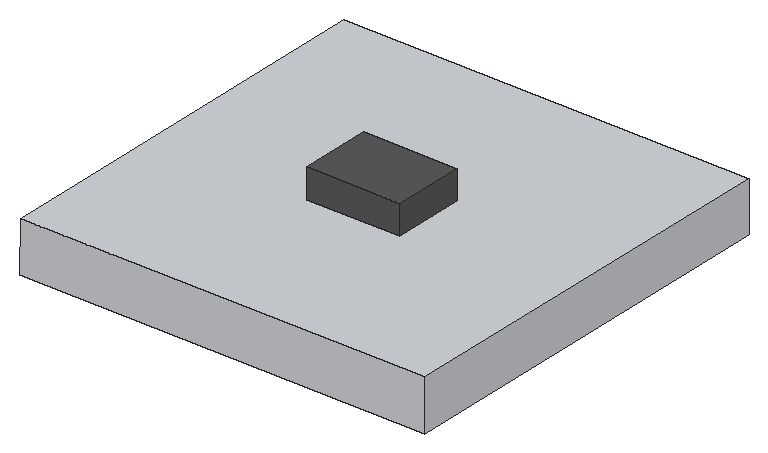
Revit family "r2018_videomax_storage", category Устройства связи, Revit 2018
Family settings
  Основа = Грань
  Сохранять ориентацию аннотаций = Да
  Размер круглого соединителя = Использовать диаметр
  Тип детали = Нормальный
  При загрузке вырезать с полостями = Нет
  Общий = Нет
  Точка расчета площади = Нет
Parameters (values of type "19” 4U (4ETS)")
  Указания по монтажу = "Для монтажа использовать комплектные 19” салазки с параметрами: расстояние между профилями 646 - 940 мм, габариты в сложенном состоянии 757 мм."
  Тип линейки = "PRO"  # constant formula
  Модель = ""
  Стоимость = 0
  Default Elevation = 2600 mm
  Минимальная глубина шкафа, мм = 1000  # constant formula
  Максимальное тепловыделение, BTU/h = Максимальная потребляемая мощность Вт * 3.412  # 0
  Максимальная потребляемая мощность Вт = 0
  Максимальная мощность БП, Вт = 0
  Количество интерфейсов Gigabit LAN, шт = 2
  Количество интерфейсов 10 Gigabit LAN, шт = 0
  Количество входов 230V, шт = 2
  Количество IP-камер, шт = 0 mm
  Изображение типоразмера = 19 (4U) Short.png
  Изготовитель = "ООО «Видеомакс»"  # constant formula
  Ширина = 430 mm  # constant formula
  Глубина = 560 mm  # constant formula
  Высота в U = 4
  Высота = 176 mm
  URL = "https://www.videomax-server.ru/"
  Material = Черный
  LOD 500 [instance] = yes
  LOD 300 [instance] = yes
  Front = videomax_19 4U (JBOD) : Front
  Back = videomax_19 4U (JBOD) : Back
  ADSK_Этаж [instance] = ""
  ADSK_Ток = 0 A
  ADSK_Примечание [instance] = ""
  ADSK_Позиция [instance] = ""
  ADSK_Обозначение = "19” 4U (4ETS)"
  ADSK_Номинальная мощность = 0 VA
  ADSK_Напряжение = 230 V
  ADSK_Наименование = "Сетевое хранилище видеоданных 19” 4U"
  ADSK_Масса = 0
  ADSK_Марка = "VIDEOMAX-STORAGE"  # constant formula
  ADSK_Коэффициент мощности = 0.96
  ADSK_Количество = 1  # constant formula
  ADSK_Код изделия = "ТУ 26.20.21-001-37165186-2020"  # constant formula
  ADSK_Классификация нагрузок = none
  ADSK_Завод-изготовитель = "ООО «Видеомакс»"  # constant formula
  ADSK_Единица измерения = "шт."  # constant formula
  ADSK_Версия семейства = "v2"  # constant formula
  ADSK_Версия Revit = "2108"  # constant formula
  4_LOD_300 [instance] = and([19” 4U (4ETS)], LOD 300)  # yes
  3_LOD_300 [instance] = and([19” 3U (3ETS)], LOD 300)  # no
  2_LOD_300 [instance] = and([19” 2U (2ETS)], LOD 300)  # no
  19” 4U (4ETS) = yes
  19” 3U (3ETS) = no
  19” 2U (2ETS) = no
Reference planes
  plane 1 "По центру (Вперед/Назад)": y = 0
  plane 2: z = 0
  plane 3 "По центру (Влево/Вправо)": x = 0.038
  plane 4: z = 0
  plane 5: y = 215
  plane 6: x = 280.038
  plane 7: y = -215
  plane 8: x = -279.962
Forms (mm)
  Extrusion 1, solid
    sketch origin (-0.8, 20.8, 0) x (0, -1, 0) y (1, 0, 0)
      loop
        line (-1219.2, 1219.2) -> (-1219.2, -1219.2) -> (1219.2, -1219.2) -> (1219.2, 1219.2) -> (-1219.2, 1219.2)
    from 0 to -304.8
  Extrusion 2, solid, material "Черный" <- "Material", detail levels medium+fine
    sketch origin (-300.709, 482.634, 0) x (0, -1, 0) y (1, 0, 0)
      loop
        line (697.634, 20.747) -> (697.634, 580.747) -> (267.634, 580.747) -> (267.634, 20.747) -> (697.634, 20.747)
    from 0 to 176 <- "Высота"
Lines and regions (mm)
  model lines, style "CommunicationDevices", detail levels coarse
    curve 1: line (280.038, 215, 0) -> (280.038, -215, 0)
    curve 2: line (-279.962, -215, 0) -> (-279.962, 215, 0)
    curve 3: line (-279.962, 215, 0) -> (280.038, 215, 0)
    curve 4: line (280.038, -215, 0) -> (-279.962, -215, 0)
Dimensions and locks
  "Высота": Extrusion 2 to Extrusion 1
  locked: plane 8 to plane 6 at 560
  "Ширина": plane 5 to plane 7
  equal spacing: plane 8, plane 3 "По центру (Влево/Вправо)", plane 6
  equal spacing: plane 5, plane 1 "По центру (Вперед/Назад)", plane 7
  aligned and locked: plane 2 to Extrusion 1
  aligned and locked: level to Extrusion 1
  aligned and locked: curve 2 to plane 8
  aligned and locked: plane 7 to curve 4
  aligned and locked: plane 6 to curve 1
  aligned and locked: curve 3 to plane 5
Automatic sketch dimensions
  Extrusion 1 sketch curve to Extrusion 1 sketch curve = 2438.4 mm  (x2)
  Extrusion 2 sketch curve to plane 5 = 0 mm
  Extrusion 2 sketch curve to plane 7 = 0 mm
  Extrusion 2 sketch curve to plane 8 = 0 mm
  Extrusion 2 sketch curve to plane 6 = 0 mm
  curve 1 to curve 1 = 430 mm
  curve 2 to curve 1 = 560 mm
Nested families
  nested 1: "videomax_19 4U (JBOD)" at (-279.962, -0.501, 0) x (0, -1, 0) z (-1, 0, 0), LOD500 <- "LOD 500", a setting <- "Front", type ""
    with Right_500 no, Left_500 no, LOD500 yes, Front_500 yes, Back_500 no
  nested 2: "videomax_19 4U (JBOD)" at (280.038, -0.483, 0) x (0, 1, 0) z (1, 0, 0), LOD500 <- "LOD 500", a setting <- "Back", type ""
    with Right_500 no, Left_500 no, LOD500 yes, Front_500 no, Back_500 yes
Connectors
  electrical at (0.038, 0, 0), driven by "ADSK_Напряжение", driven by "ADSK_Коэффициент мощности", driven by "ADSK_Номинальная мощность"
    settings: on Extrusion 2, index 3, voltage 230 V, apparent load 0 VA, apparent load phase1 0 VA, apparent load phase2 0 VA, apparent load phase3 0 VA, power factor 0.96, load classification "Прочее", number of poles 1, system type 30, power factor state 0, is connector primary yes, connector utility yes, sub classification motor no, connector description ""
Definition of nested family "videomax_19 4U (JBOD)"
  Parameters (values of type "Front")
    Default Elevation = 1219.2 mm
    Right_500 [instance] = and(Right, LOD500)  # no
    Right = no
    Left_500 [instance] = and(Left, LOD500)  # no
    Left = no
    LOD500 [instance] = no
    Front_500 [instance] = and(Front, LOD500)  # no
    Front = yes
    Back_500 [instance] = and(Back, LOD500)  # no
    Back = no
  Types (2, lengths in mm): name | Front | Back
    Front | yes | no
    Back | no | yes
  Reference planes
    plane 1 "По центру (Вперед/Назад)": y = 0
    plane 2: z = 0
    plane 3 "По центру (Влево/Вправо)": x = 0
  Lines and regions (mm)
    model lines, visible <- "Back_500", detail levels fine
      curve 1: arc (-190.738, 56.029, 0) -> (-194.306, 46.934, 0) -> (-190.738, 37.84, 0) r 13.376
      curve 2: arc (-189.256, 39.323, 0) -> (-192.21, 46.934, 0) -> (-189.256, 54.546, 0) r 11.282
      curve 3: arc (-186.348, 51.638, 0) -> (-187.651, 49.445, 0) -> (-188.105, 46.934, 0) r 7.176
      curve 4: arc (-188.105, 46.934, 0) -> (-187.651, 44.424, 0) -> (-186.348, 42.23, 0) r 7.176
      curve 5: arc (-185.208, 43.37, 0) -> (-186.166, 45.039, 0) -> (-186.498, 46.934, 0) r 5.57
      curve 6: arc (-186.498, 46.934, 0) -> (-186.166, 48.83, 0) -> (-185.208, 50.499, 0) r 5.57
      curve 7: arc (-188.489, 53.78, 0) -> (-190.445, 50.603, 0) -> (-191.128, 46.934, 0) r 10.199
      curve 8: arc (-191.128, 46.934, 0) -> (-190.445, 43.266, 0) -> (-188.489, 40.089, 0) r 10.199
      curve 9: arc (-187.005, 41.573, 0) -> (-188.508, 44.069, 0) -> (-189.032, 46.934, 0) r 8.103
      curve 10: arc (-189.032, 46.934, 0) -> (-188.508, 49.8, 0) -> (-187.005, 52.296, 0) r 8.103
      curve 11: arc (-171.119, 56.029, 0) -> (-167.551, 46.934, 0) -> (-171.119, 37.84, 0) r 13.376
      curve 12: arc (-172.601, 39.323, 0) -> (-169.647, 46.934, 0) -> (-172.602, 54.546, 0) r 11.282
      curve 13: arc (-175.509, 51.638, 0) -> (-174.206, 49.445, 0) -> (-173.753, 46.934, 0) r 7.176
      curve 14: arc (-173.753, 46.934, 0) -> (-174.206, 44.424, 0) -> (-175.509, 42.23, 0) r 7.176
      curve 15: arc (-176.649, 43.37, 0) -> (-175.691, 45.039, 0) -> (-175.359, 46.934, 0) r 5.57
      curve 16: arc (-175.359, 46.934, 0) -> (-175.691, 48.83, 0) -> (-176.649, 50.499, 0) r 5.57
      curve 17: arc (-173.368, 53.78, 0) -> (-171.412, 50.603, 0) -> (-170.729, 46.934, 0) r 10.199
      curve 18: arc (-170.729, 46.934, 0) -> (-171.412, 43.266, 0) -> (-173.368, 40.089, 0) r 10.199
      curve 19: arc (-174.852, 41.573, 0) -> (-173.349, 44.069, 0) -> (-172.825, 46.934, 0) r 8.103
      curve 20: arc (-172.825, 46.934, 0) -> (-173.349, 49.8, 0) -> (-174.852, 52.296, 0) r 8.103
      curve 21: arc (-171.834, 37.125, 0) -> (-180.929, 33.557, 0) -> (-190.023, 37.125, 0) r 13.376
      curve 22: arc (-188.54, 38.607, 0) -> (-180.929, 35.653, 0) -> (-173.317, 38.607, 0) r 11.282
      curve 23: arc (-176.225, 41.515, 0) -> (-178.418, 40.212, 0) -> (-180.929, 39.758, 0) r 7.176
      curve 24: arc (-180.929, 39.758, 0) -> (-183.439, 40.212, 0) -> (-185.632, 41.515, 0) r 7.176
      curve 25: arc (-184.493, 42.655, 0) -> (-182.824, 41.697, 0) -> (-180.929, 41.365, 0) r 5.57
      curve 26: arc (-180.929, 41.365, 0) -> (-179.033, 41.697, 0) -> (-177.364, 42.655, 0) r 5.57
      curve 27: arc (-174.083, 39.374, 0) -> (-177.26, 37.418, 0) -> (-180.929, 36.735, 0) r 10.199
      curve 28: arc (-180.929, 36.735, 0) -> (-184.597, 37.418, 0) -> (-187.774, 39.374, 0) r 10.199
      curve 29: arc (-186.29, 40.858, 0) -> (-183.794, 39.355, 0) -> (-180.929, 38.831, 0) r 8.103
      curve 30: arc (-180.929, 38.831, 0) -> (-178.063, 39.355, 0) -> (-175.567, 40.858, 0) r 8.103
      curve 31: arc (-171.834, 56.744, 0) -> (-180.929, 60.312, 0) -> (-190.023, 56.744, 0) r 13.376
      curve 32: arc (-188.54, 55.261, 0) -> (-180.929, 58.216, 0) -> (-173.317, 55.261, 0) r 11.282
      curve 33: arc (-176.225, 52.354, 0) -> (-178.418, 53.657, 0) -> (-180.929, 54.11, 0) r 7.176
      curve 34: arc (-180.929, 54.11, 0) -> (-183.439, 53.657, 0) -> (-185.632, 52.354, 0) r 7.176
      curve 35: arc (-184.493, 51.214, 0) -> (-182.824, 52.172, 0) -> (-180.929, 52.504, 0) r 5.57
      curve 36: arc (-180.929, 52.504, 0) -> (-179.033, 52.172, 0) -> (-177.364, 51.214, 0) r 5.57
      curve 37: arc (-174.083, 54.495, 0) -> (-177.26, 56.451, 0) -> (-180.929, 57.134, 0) r 10.199
      curve 38: arc (-180.929, 57.134, 0) -> (-184.597, 56.451, 0) -> (-187.774, 54.495, 0) r 10.199
      curve 39: arc (-186.29, 53.011, 0) -> (-183.794, 54.514, 0) -> (-180.929, 55.038, 0) r 8.103
      curve 40: arc (-180.929, 55.038, 0) -> (-178.063, 54.514, 0) -> (-175.567, 53.011, 0) r 8.103
      curve 41: arc (-148.783, 56.218, 0) -> (-152.35, 47.124, 0) -> (-148.783, 38.029, 0) r 13.376
      curve 42: arc (-147.3, 39.512, 0) -> (-150.255, 47.124, 0) -> (-147.3, 54.736, 0) r 11.282
      curve 43: arc (-144.392, 51.828, 0) -> (-145.695, 49.634, 0) -> (-146.149, 47.124, 0) r 7.176
      curve 44: arc (-146.149, 47.124, 0) -> (-145.695, 44.613, 0) -> (-144.392, 42.42, 0) r 7.176
      curve 45: arc (-143.253, 43.559, 0) -> (-144.21, 45.228, 0) -> (-144.543, 47.124, 0) r 5.57
      curve 46: arc (-144.543, 47.124, 0) -> (-144.21, 49.019, 0) -> (-143.253, 50.688, 0) r 5.57
      curve 47: arc (-146.533, 53.969, 0) -> (-148.489, 50.792, 0) -> (-149.172, 47.124, 0) r 10.199
      curve 48: arc (-149.172, 47.124, 0) -> (-148.489, 43.456, 0) -> (-146.533, 40.278, 0) r 10.199
      curve 49: arc (-145.049, 41.763, 0) -> (-146.553, 44.258, 0) -> (-147.076, 47.124, 0) r 8.103
      curve 50: arc (-147.076, 47.124, 0) -> (-146.553, 49.99, 0) -> (-145.049, 52.485, 0) r 8.103
      curve 51: arc (-129.163, 56.218, 0) -> (-125.595, 47.124, 0) -> (-129.163, 38.029, 0) r 13.376
      curve 52: arc (-130.646, 39.512, 0) -> (-127.691, 47.124, 0) -> (-130.646, 54.736, 0) r 11.282
      curve 53: arc (-133.554, 51.828, 0) -> (-132.25, 49.634, 0) -> (-131.797, 47.124, 0) r 7.176
      curve 54: arc (-131.797, 47.124, 0) -> (-132.25, 44.613, 0) -> (-133.554, 42.42, 0) r 7.176
      curve 55: arc (-134.693, 43.559, 0) -> (-133.735, 45.228, 0) -> (-133.403, 47.124, 0) r 5.57
      curve 56: arc (-133.403, 47.124, 0) -> (-133.735, 49.019, 0) -> (-134.693, 50.688, 0) r 5.57
      curve 57: arc (-131.412, 53.969, 0) -> (-129.456, 50.792, 0) -> (-128.774, 47.124, 0) r 10.199
      curve 58: arc (-128.774, 47.124, 0) -> (-129.456, 43.456, 0) -> (-131.412, 40.278, 0) r 10.199
      curve 59: arc (-132.896, 41.763, 0) -> (-131.393, 44.258, 0) -> (-130.869, 47.124, 0) r 8.103
      curve 60: arc (-130.869, 47.124, 0) -> (-131.393, 49.99, 0) -> (-132.896, 52.485, 0) r 8.103
      curve 61: arc (-129.878, 37.314, 0) -> (-138.973, 33.746, 0) -> (-148.067, 37.314, 0) r 13.376
      curve 62: arc (-146.585, 38.797, 0) -> (-138.973, 35.842, 0) -> (-131.361, 38.797, 0) r 11.282
      curve 63: arc (-134.269, 41.705, 0) -> (-136.462, 40.401, 0) -> (-138.973, 39.948, 0) r 7.176
      curve 64: arc (-138.973, 39.948, 0) -> (-141.483, 40.401, 0) -> (-143.677, 41.705, 0) r 7.176
      curve 65: arc (-142.537, 42.844, 0) -> (-140.868, 41.886, 0) -> (-138.973, 41.554, 0) r 5.57
      curve 66: arc (-138.973, 41.554, 0) -> (-137.077, 41.886, 0) -> (-135.408, 42.844, 0) r 5.57
      curve 67: arc (-132.127, 39.563, 0) -> (-135.305, 37.607, 0) -> (-138.973, 36.925, 0) r 10.199
      curve 68: arc (-138.973, 36.925, 0) -> (-142.641, 37.607, 0) -> (-145.818, 39.563, 0) r 10.199
      curve 69: arc (-144.334, 41.047, 0) -> (-141.839, 39.544, 0) -> (-138.973, 39.02, 0) r 8.103
      curve 70: arc (-138.973, 39.02, 0) -> (-136.107, 39.544, 0) -> (-133.612, 41.047, 0) r 8.103
      curve 71: arc (-129.878, 56.934, 0) -> (-138.973, 60.501, 0) -> (-148.067, 56.934, 0) r 13.376
      curve 72: arc (-146.585, 55.451, 0) -> (-138.973, 58.406, 0) -> (-131.361, 55.451, 0) r 11.282
      curve 73: arc (-134.269, 52.543, 0) -> (-136.462, 53.846, 0) -> (-138.973, 54.3, 0) r 7.176
      curve 74: arc (-138.973, 54.3, 0) -> (-141.483, 53.846, 0) -> (-143.677, 52.543, 0) r 7.176
      curve 75: arc (-142.537, 51.403, 0) -> (-140.868, 52.361, 0) -> (-138.973, 52.693, 0) r 5.57
      curve 76: arc (-138.973, 52.693, 0) -> (-137.077, 52.361, 0) -> (-135.408, 51.403, 0) r 5.57
      curve 77: arc (-132.127, 54.684, 0) -> (-135.305, 56.64, 0) -> (-138.973, 57.323, 0) r 10.199
      curve 78: arc (-138.973, 57.323, 0) -> (-142.641, 56.64, 0) -> (-145.818, 54.684, 0) r 10.199
      curve 79: arc (-144.334, 53.2, 0) -> (-141.839, 54.703, 0) -> (-138.973, 55.227, 0) r 8.103
      curve 80: arc (-138.973, 55.227, 0) -> (-136.107, 54.703, 0) -> (-133.612, 53.2, 0) r 8.103
      curve 81: arc (-169.046, 19.581, 0) -> (-168.314, 18.654, 0) -> (-168.169, 17.481, 0) r 2.193
      curve 82: arc (-194.151, 17.614, 0) -> (-193.989, 18.629, 0) -> (-193.387, 19.461, 0) r 2.215
      curve 83: circle (-206.959, 77.236, 0) r 3.066 normal (0, 0, 1)
      curve 84: circle (-206.959, 6.812, 0) r 3.066 normal (0, 0, 1)
      curve 85: circle (-167.124, 73.816, 0) r 3.067 normal (0, 0, 1)
      curve 86: circle (-125.319, 73.816, 0) r 3.066 normal (0, 0, 1)
      curve 87: circle (-113.561, 77.236, 0) r 3.067 normal (0, 0, 1)
      curve 88: circle (-80.8, 34.47, 0) r 4.437 normal (0, 0, 1)
      curve 89: circle (-80.8, 20.572, 0) r 4.437 normal (0, 0, 1)
      curve 90: circle (-113.561, 6.812, 0) r 3.067 normal (0, 0, 1)
      curve 91: circle (-52.24, 19.725, 0) r 1.743 normal (0, 0, 1)
      curve 92: circle (-29.979, 19.725, 0) r 1.744 normal (0, 0, 1)
      curve 93: circle (-46.017, 37.914, 0) r 1.743 normal (0, 0, 1)
      curve 94: circle (0.298, 37.914, 0) r 1.744 normal (0, 0, 1)
      curve 95: circle (-15.973, 19.725, 0) r 1.743 normal (0, 0, 1)
      curve 96: circle (6.288, 19.725, 0) r 1.743 normal (0, 0, 1)
      curve 97: circle (-79.903, 68.763, 0) r 3.066 normal (0, 0, 1)
      curve 98: circle (-35.003, 68.763, 0) r 3.066 normal (0, 0, 1)
      curve 99: arc (-127.255, 19.581, 0) -> (-126.523, 18.654, 0) -> (-126.377, 17.481, 0) r 2.193
      curve 100: arc (-152.36, 17.614, 0) -> (-152.198, 18.629, 0) -> (-151.596, 19.461, 0) r 2.215
      curve 101: arc (-73.992, 106.558, 0) -> (-79.993, 91.26, 0) -> (-73.992, 75.963, 0) r 22.498
      curve 102: arc (-71.498, 78.457, 0) -> (-76.468, 91.26, 0) -> (-71.498, 104.063, 0) r 18.976
      curve 103: arc (-66.607, 99.172, 0) -> (-68.799, 95.483, 0) -> (-69.562, 91.26, 0) r 12.07
      curve 104: arc (-69.562, 91.26, 0) -> (-68.799, 87.037, 0) -> (-66.607, 83.348, 0) r 12.07
      curve 105: arc (-64.69, 85.265, 0) -> (-66.301, 88.072, 0) -> (-66.86, 91.26, 0) r 9.368
      curve 106: arc (-66.86, 91.26, 0) -> (-66.301, 94.448, 0) -> (-64.69, 97.256, 0) r 9.368
      curve 107: arc (-70.209, 102.774, 0) -> (-73.499, 97.43, 0) -> (-74.647, 91.26, 0) r 17.155
      curve 108: arc (-74.647, 91.26, 0) -> (-73.499, 85.09, 0) -> (-70.209, 79.746, 0) r 17.155
      curve 109: arc (-67.712, 82.242, 0) -> (-70.241, 86.44, 0) -> (-71.122, 91.26, 0) r 13.63
      curve 110: arc (-71.122, 91.26, 0) -> (-70.241, 96.08, 0) -> (-67.712, 100.278, 0) r 13.63
      curve 111: arc (-40.991, 106.558, 0) -> (-34.99, 91.26, 0) -> (-40.991, 75.963, 0) r 22.498
      curve 112: arc (-43.485, 78.457, 0) -> (-38.515, 91.26, 0) -> (-43.485, 104.063, 0) r 18.976
      curve 113: arc (-48.377, 99.172, 0) -> (-46.184, 95.483, 0) -> (-45.421, 91.26, 0) r 12.07
      curve 114: arc (-45.421, 91.26, 0) -> (-46.184, 87.037, 0) -> (-48.376, 83.348, 0) r 12.07
      curve 115: arc (-50.293, 85.265, 0) -> (-48.682, 88.072, 0) -> (-48.123, 91.26, 0) r 9.368
      curve 116: arc (-48.123, 91.26, 0) -> (-48.682, 94.448, 0) -> (-50.293, 97.256, 0) r 9.368
      curve 117: arc (-44.775, 102.774, 0) -> (-41.484, 97.43, 0) -> (-40.336, 91.26, 0) r 17.155
      curve 118: arc (-40.336, 91.26, 0) -> (-41.484, 85.09, 0) -> (-44.774, 79.746, 0) r 17.155
      curve 119: arc (-47.271, 82.242, 0) -> (-44.742, 86.44, 0) -> (-43.861, 91.26, 0) r 13.63
      curve 120: arc (-43.861, 91.26, 0) -> (-44.742, 96.08, 0) -> (-47.271, 100.278, 0) r 13.63
      curve 121: arc (-42.194, 74.76, 0) -> (-57.492, 68.759, 0) -> (-72.789, 74.76, 0) r 22.498
      curve 122: arc (-70.295, 77.254, 0) -> (-57.492, 72.284, 0) -> (-44.688, 77.254, 0) r 18.976
      curve 123: arc (-49.579, 82.145, 0) -> (-53.269, 79.953, 0) -> (-57.492, 79.19, 0) r 12.07
      curve 124: arc (-57.492, 79.19, 0) -> (-61.714, 79.953, 0) -> (-65.404, 82.145, 0) r 12.07
      curve 125: arc (-63.487, 84.061, 0) -> (-60.68, 82.451, 0) -> (-57.492, 81.892, 0) r 9.368
      curve 126: arc (-57.492, 81.892, 0) -> (-54.303, 82.451, 0) -> (-51.496, 84.061, 0) r 9.368
      curve 127: arc (-45.977, 78.543, 0) -> (-51.322, 75.253, 0) -> (-57.492, 74.105, 0) r 17.155
      curve 128: arc (-57.492, 74.105, 0) -> (-63.661, 75.253, 0) -> (-69.006, 78.543, 0) r 17.155
      curve 129: arc (-66.509, 81.039, 0) -> (-62.312, 78.511, 0) -> (-57.492, 77.63, 0) r 13.63
      curve 130: arc (-57.492, 77.63, 0) -> (-52.671, 78.511, 0) -> (-48.474, 81.039, 0) r 13.63
      curve 131: arc (-42.194, 107.76, 0) -> (-57.492, 113.762, 0) -> (-72.789, 107.76, 0) r 22.498
      curve 132: arc (-70.295, 105.266, 0) -> (-57.492, 110.236, 0) -> (-44.688, 105.266, 0) r 18.976
      curve 133: arc (-49.579, 100.375, 0) -> (-53.269, 102.567, 0) -> (-57.492, 103.33, 0) r 12.07
      curve 134: arc (-57.492, 103.33, 0) -> (-61.714, 102.567, 0) -> (-65.404, 100.375, 0) r 12.07
      curve 135: arc (-63.487, 98.459, 0) -> (-60.68, 100.069, 0) -> (-57.492, 100.628, 0) r 9.368
      curve 136: arc (-57.492, 100.628, 0) -> (-54.303, 100.069, 0) -> (-51.496, 98.459, 0) r 9.368
      curve 137: arc (-45.977, 103.977, 0) -> (-51.322, 107.267, 0) -> (-57.492, 108.415, 0) r 17.155
      curve 138: arc (-57.492, 108.415, 0) -> (-63.661, 107.267, 0) -> (-69.006, 103.977, 0) r 17.155
      curve 139: arc (-66.509, 101.481, 0) -> (-62.312, 104.009, 0) -> (-57.492, 104.89, 0) r 13.63
      curve 140: arc (-57.492, 104.89, 0) -> (-52.671, 104.009, 0) -> (-48.474, 101.481, 0) r 13.63
      curve 141: circle (-79.991, 113.76, 0) r 3.066 normal (0, 0, 1)
      curve 142: circle (-35.09, 113.76, 0) r 3.066 normal (0, 0, 1)
      curve 143: circle (-3.309, 68.763, 0) r 3.066 normal (0, 0, 1)
      curve 144: circle (41.591, 68.763, 0) r 3.066 normal (0, 0, 1)
      curve 145: arc (2.602, 106.558, 0) -> (-3.399, 91.26, 0) -> (2.602, 75.963, 0) r 22.498
      curve 146: arc (5.096, 78.457, 0) -> (0.126, 91.26, 0) -> (5.096, 104.063, 0) r 18.976
      curve 147: arc (9.987, 99.172, 0) -> (7.795, 95.483, 0) -> (7.032, 91.26, 0) r 12.07
      curve 148: arc (7.032, 91.26, 0) -> (7.795, 87.037, 0) -> (9.987, 83.348, 0) r 12.07
      curve 149: arc (11.904, 85.265, 0) -> (10.293, 88.072, 0) -> (9.734, 91.26, 0) r 9.368
      curve 150: arc (9.734, 91.26, 0) -> (10.293, 94.448, 0) -> (11.904, 97.256, 0) r 9.368
      curve 151: arc (6.385, 102.774, 0) -> (3.095, 97.43, 0) -> (1.947, 91.26, 0) r 17.155
      curve 152: arc (1.947, 91.26, 0) -> (3.095, 85.09, 0) -> (6.385, 79.746, 0) r 17.155
      curve 153: arc (8.882, 82.242, 0) -> (6.353, 86.44, 0) -> (5.472, 91.26, 0) r 13.63
      curve 154: arc (5.472, 91.26, 0) -> (6.353, 96.08, 0) -> (8.882, 100.278, 0) r 13.63
      curve 155: arc (35.603, 106.558, 0) -> (41.604, 91.26, 0) -> (35.603, 75.963, 0) r 22.498
      curve 156: arc (33.109, 78.457, 0) -> (38.079, 91.26, 0) -> (33.109, 104.063, 0) r 18.976
      curve 157: arc (28.217, 99.172, 0) -> (30.41, 95.483, 0) -> (31.173, 91.26, 0) r 12.07
      curve 158: arc (31.173, 91.26, 0) -> (30.41, 87.037, 0) -> (28.218, 83.348, 0) r 12.07
      curve 159: arc (26.301, 85.265, 0) -> (27.912, 88.072, 0) -> (28.471, 91.26, 0) r 9.368
      curve 160: arc (28.471, 91.26, 0) -> (27.912, 94.448, 0) -> (26.301, 97.256, 0) r 9.368
      curve 161: arc (31.819, 102.774, 0) -> (35.11, 97.43, 0) -> (36.258, 91.26, 0) r 17.155
      curve 162: arc (36.258, 91.26, 0) -> (35.11, 85.09, 0) -> (31.82, 79.746, 0) r 17.155
      curve 163: arc (29.323, 82.242, 0) -> (31.852, 86.44, 0) -> (32.733, 91.26, 0) r 13.63
      curve 164: arc (32.733, 91.26, 0) -> (31.852, 96.08, 0) -> (29.323, 100.278, 0) r 13.63
      curve 165: arc (34.4, 74.76, 0) -> (19.102, 68.759, 0) -> (3.805, 74.76, 0) r 22.498
      curve 166: arc (6.299, 77.254, 0) -> (19.102, 72.284, 0) -> (31.906, 77.254, 0) r 18.976
      curve 167: arc (27.015, 82.145, 0) -> (23.325, 79.953, 0) -> (19.102, 79.19, 0) r 12.07
      curve 168: arc (19.102, 79.19, 0) -> (14.88, 79.953, 0) -> (11.19, 82.145, 0) r 12.07
      curve 169: arc (13.107, 84.061, 0) -> (15.914, 82.451, 0) -> (19.102, 81.892, 0) r 9.368
      curve 170: arc (19.102, 81.892, 0) -> (22.291, 82.451, 0) -> (25.098, 84.061, 0) r 9.368
      curve 171: arc (30.617, 78.543, 0) -> (25.272, 75.253, 0) -> (19.102, 74.105, 0) r 17.155
      curve 172: arc (19.102, 74.105, 0) -> (12.933, 75.253, 0) -> (7.588, 78.543, 0) r 17.155
      curve 173: arc (10.085, 81.039, 0) -> (14.282, 78.511, 0) -> (19.102, 77.63, 0) r 13.63
      curve 174: arc (19.102, 77.63, 0) -> (23.923, 78.511, 0) -> (28.12, 81.039, 0) r 13.63
      curve 175: arc (34.4, 107.76, 0) -> (19.102, 113.762, 0) -> (3.805, 107.76, 0) r 22.498
      curve 176: arc (6.299, 105.266, 0) -> (19.102, 110.236, 0) -> (31.906, 105.266, 0) r 18.976
      curve 177: arc (27.015, 100.375, 0) -> (23.325, 102.567, 0) -> (19.102, 103.33, 0) r 12.07
      curve 178: arc (19.102, 103.33, 0) -> (14.88, 102.567, 0) -> (11.19, 100.375, 0) r 12.07
      curve 179: arc (13.107, 98.459, 0) -> (15.914, 100.069, 0) -> (19.102, 100.628, 0) r 9.368
      curve 180: arc (19.102, 100.628, 0) -> (22.291, 100.069, 0) -> (25.098, 98.459, 0) r 9.368
      curve 181: arc (30.617, 103.977, 0) -> (25.272, 107.267, 0) -> (19.102, 108.415, 0) r 17.155
      curve 182: arc (19.102, 108.415, 0) -> (12.933, 107.267, 0) -> (7.588, 103.977, 0) r 17.155
      curve 183: arc (10.085, 101.481, 0) -> (14.282, 104.009, 0) -> (19.102, 104.89, 0) r 13.63
      curve 184: arc (19.102, 104.89, 0) -> (23.923, 104.009, 0) -> (28.12, 101.481, 0) r 13.63
      curve 185: circle (-3.397, 113.76, 0) r 3.066 normal (0, 0, 1)
      curve 186: circle (41.504, 113.76, 0) r 3.066 normal (0, 0, 1)
      curve 187: circle (90.689, 103.587, 0) r 1.912 normal (0, 0, 1)
      curve 188: circle (93.896, 99.549, 0) r 1.912 normal (0, 0, 1)
      curve 189: circle (90.689, 95.511, 0) r 1.912 normal (0, 0, 1)
      curve 190: circle (90.453, 87.435, 0) r 1.912 normal (0, 0, 1)
      curve 191: circle (90.547, 71.282, 0) r 1.912 normal (0, 0, 1)
      curve 192: circle (90.689, 63.206, 0) r 1.912 normal (0, 0, 1)
      curve 193: circle (93.896, 59.168, 0) r 1.912 normal (0, 0, 1)
      curve 194: circle (90.453, 55.13, 0) r 1.912 normal (0, 0, 1)
      curve 195: circle (90.642, 47.054, 0) r 1.912 normal (0, 0, 1)
      curve 196: circle (93.849, 43.016, 0) r 1.912 normal (0, 0, 1)
      curve 197: circle (90.547, 38.978, 0) r 1.912 normal (0, 0, 1)
      curve 198: circle (93.896, 91.473, 0) r 1.912 normal (0, 0, 1)
      curve 199: circle (90.642, 79.358, 0) r 1.912 normal (0, 0, 1)
      curve 200: circle (93.849, 75.32, 0) r 1.912 normal (0, 0, 1)
      curve 201: circle (93.849, 51.092, 0) r 1.912 normal (0, 0, 1)
      curve 202: circle (93.802, 34.94, 0) r 1.912 normal (0, 0, 1)
      curve 203: circle (93.849, 83.397, 0) r 1.912 normal (0, 0, 1)
      curve 204: circle (93.802, 67.244, 0) r 1.912 normal (0, 0, 1)
      curve 205: circle (110.96, 103.587, 0) r 1.912 normal (0, 0, 1)
      curve 206: circle (114.167, 99.549, 0) r 1.912 normal (0, 0, 1)
      curve 207: circle (110.96, 95.511, 0) r 1.912 normal (0, 0, 1)
      curve 208: circle (110.724, 87.435, 0) r 1.912 normal (0, 0, 1)
      curve 209: circle (110.818, 71.282, 0) r 1.912 normal (0, 0, 1)
      curve 210: circle (110.96, 63.206, 0) r 1.912 normal (0, 0, 1)
      curve 211: circle (114.167, 59.168, 0) r 1.912 normal (0, 0, 1)
      curve 212: circle (110.724, 55.13, 0) r 1.912 normal (0, 0, 1)
      curve 213: circle (110.912, 47.054, 0) r 1.912 normal (0, 0, 1)
      curve 214: circle (114.119, 43.016, 0) r 1.912 normal (0, 0, 1)
      curve 215: circle (110.818, 38.978, 0) r 1.912 normal (0, 0, 1)
      curve 216: circle (114.167, 91.473, 0) r 1.912 normal (0, 0, 1)
      curve 217: circle (110.912, 79.358, 0) r 1.912 normal (0, 0, 1)
      curve 218: circle (114.12, 75.32, 0) r 1.912 normal (0, 0, 1)
      curve 219: circle (114.12, 51.092, 0) r 1.912 normal (0, 0, 1)
      curve 220: circle (114.072, 34.94, 0) r 1.912 normal (0, 0, 1)
      curve 221: circle (114.12, 83.397, 0) r 1.912 normal (0, 0, 1)
      curve 222: circle (114.073, 67.244, 0) r 1.912 normal (0, 0, 1)
      curve 223: circle (131.011, 103.587, 0) r 1.912 normal (0, 0, 1)
      curve 224: circle (134.218, 99.549, 0) r 1.912 normal (0, 0, 1)
      curve 225: circle (131.011, 95.511, 0) r 1.912 normal (0, 0, 1)
      curve 226: circle (130.776, 87.435, 0) r 1.912 normal (0, 0, 1)
      curve 227: circle (130.87, 71.282, 0) r 1.912 normal (0, 0, 1)
      curve 228: circle (131.011, 63.206, 0) r 1.912 normal (0, 0, 1)
      curve 229: circle (134.218, 59.168, 0) r 1.912 normal (0, 0, 1)
      curve 230: circle (130.776, 55.13, 0) r 1.912 normal (0, 0, 1)
      curve 231: circle (130.964, 47.054, 0) r 1.912 normal (0, 0, 1)
      curve 232: circle (134.171, 43.016, 0) r 1.912 normal (0, 0, 1)
      curve 233: circle (130.87, 38.978, 0) r 1.912 normal (0, 0, 1)
      curve 234: circle (134.218, 91.473, 0) r 1.912 normal (0, 0, 1)
      curve 235: circle (130.964, 79.358, 0) r 1.912 normal (0, 0, 1)
      curve 236: circle (134.171, 75.32, 0) r 1.912 normal (0, 0, 1)
      curve 237: circle (134.171, 51.092, 0) r 1.912 normal (0, 0, 1)
      curve 238: circle (134.124, 34.94, 0) r 1.912 normal (0, 0, 1)
      curve 239: circle (134.171, 83.397, 0) r 1.912 normal (0, 0, 1)
      curve 240: circle (134.124, 67.244, 0) r 1.912 normal (0, 0, 1)
      curve 241: circle (151.649, 103.587, 0) r 1.912 normal (0, 0, 1)
      curve 242: circle (154.856, 99.549, 0) r 1.912 normal (0, 0, 1)
      curve 243: circle (151.649, 95.511, 0) r 1.912 normal (0, 0, 1)
      curve 244: circle (151.413, 87.435, 0) r 1.912 normal (0, 0, 1)
      curve 245: circle (151.508, 71.282, 0) r 1.912 normal (0, 0, 1)
      curve 246: circle (151.649, 63.206, 0) r 1.912 normal (0, 0, 1)
      curve 247: circle (154.856, 59.168, 0) r 1.912 normal (0, 0, 1)
      curve 248: circle (151.413, 55.13, 0) r 1.912 normal (0, 0, 1)
      curve 249: circle (151.602, 47.054, 0) r 1.912 normal (0, 0, 1)
      curve 250: circle (154.809, 43.016, 0) r 1.912 normal (0, 0, 1)
      curve 251: circle (151.508, 38.978, 0) r 1.912 normal (0, 0, 1)
      curve 252: circle (154.856, 91.473, 0) r 1.912 normal (0, 0, 1)
      curve 253: circle (151.602, 79.358, 0) r 1.912 normal (0, 0, 1)
      curve 254: circle (154.809, 75.32, 0) r 1.912 normal (0, 0, 1)
      curve 255: circle (154.809, 51.092, 0) r 1.912 normal (0, 0, 1)
      curve 256: circle (154.762, 34.94, 0) r 1.912 normal (0, 0, 1)
      curve 257: circle (154.809, 83.397, 0) r 1.912 normal (0, 0, 1)
      curve 258: circle (154.762, 67.244, 0) r 1.912 normal (0, 0, 1)
      curve 259: circle (171.92, 103.587, 0) r 1.912 normal (0, 0, 1)
      curve 260: circle (175.127, 99.549, 0) r 1.912 normal (0, 0, 1)
      curve 261: circle (171.92, 95.511, 0) r 1.912 normal (0, 0, 1)
      curve 262: circle (171.684, 87.435, 0) r 1.912 normal (0, 0, 1)
      curve 263: circle (171.778, 71.282, 0) r 1.912 normal (0, 0, 1)
      curve 264: circle (171.92, 63.206, 0) r 1.912 normal (0, 0, 1)
      curve 265: circle (175.127, 59.168, 0) r 1.912 normal (0, 0, 1)
      curve 266: circle (171.684, 55.13, 0) r 1.912 normal (0, 0, 1)
      curve 267: circle (171.873, 47.054, 0) r 1.912 normal (0, 0, 1)
      curve 268: circle (175.08, 43.016, 0) r 1.912 normal (0, 0, 1)
      curve 269: circle (171.778, 38.978, 0) r 1.912 normal (0, 0, 1)
      curve 270: circle (175.127, 91.473, 0) r 1.912 normal (0, 0, 1)
      curve 271: circle (171.873, 79.358, 0) r 1.912 normal (0, 0, 1)
      curve 272: circle (175.08, 75.32, 0) r 1.912 normal (0, 0, 1)
      curve 273: circle (175.08, 51.092, 0) r 1.912 normal (0, 0, 1)
      curve 274: circle (175.033, 34.94, 0) r 1.912 normal (0, 0, 1)
      curve 275: circle (175.08, 83.397, 0) r 1.912 normal (0, 0, 1)
      curve 276: circle (175.033, 67.244, 0) r 1.912 normal (0, 0, 1)
      curve 277: circle (191.972, 103.587, 0) r 1.912 normal (0, 0, 1)
      curve 278: circle (195.179, 99.549, 0) r 1.912 normal (0, 0, 1)
      curve 279: circle (191.972, 95.511, 0) r 1.912 normal (0, 0, 1)
      curve 280: circle (191.736, 87.435, 0) r 1.912 normal (0, 0, 1)
      curve 281: circle (191.83, 71.282, 0) r 1.912 normal (0, 0, 1)
      curve 282: circle (191.972, 63.206, 0) r 1.912 normal (0, 0, 1)
      curve 283: circle (195.179, 59.168, 0) r 1.912 normal (0, 0, 1)
      curve 284: circle (191.736, 55.13, 0) r 1.912 normal (0, 0, 1)
      curve 285: circle (191.924, 47.054, 0) r 1.912 normal (0, 0, 1)
      curve 286: circle (195.131, 43.016, 0) r 1.912 normal (0, 0, 1)
      curve 287: circle (191.83, 38.978, 0) r 1.912 normal (0, 0, 1)
      curve 288: circle (195.179, 91.473, 0) r 1.912 normal (0, 0, 1)
      curve 289: circle (191.924, 79.358, 0) r 1.912 normal (0, 0, 1)
      curve 290: circle (195.132, 75.32, 0) r 1.912 normal (0, 0, 1)
      curve 291: circle (195.132, 51.092, 0) r 1.912 normal (0, 0, 1)
      curve 292: circle (195.084, 34.94, 0) r 1.912 normal (0, 0, 1)
      curve 293: circle (195.132, 83.397, 0) r 1.912 normal (0, 0, 1)
      curve 294: circle (195.085, 67.244, 0) r 1.912 normal (0, 0, 1)
      curve 295: arc (1.701, 23.282, 0) -> (2.32, 22.969, 0) -> (2.387, 22.279, 0) r 0.719
      curve 296: arc (1.746, 17.105, 0) -> (1.422, 16.484, 0) -> (0.762, 16.248, 0) r 0.96
      curve 297: arc (-10.317, 16.248, 0) -> (-10.99, 16.475, 0) -> (-11.34, 17.093, 0) r 0.995
      curve 298: arc (-12.251, 22.135, 0) -> (-12.127, 22.896, 0) -> (-11.459, 23.282, 0) r 0.899
      curve 299: arc (-34.566, 23.282, 0) -> (-33.948, 22.969, 0) -> (-33.88, 22.279, 0) r 0.719
      curve 300: arc (-34.521, 17.105, 0) -> (-34.845, 16.484, 0) -> (-35.505, 16.248, 0) r 0.96
      curve 301: arc (-46.584, 16.248, 0) -> (-47.257, 16.475, 0) -> (-47.607, 17.093, 0) r 0.995
      curve 302: arc (-48.518, 22.135, 0) -> (-48.394, 22.896, 0) -> (-47.726, 23.282, 0) r 0.899
      curve 303: arc (-4.324, 41.433, 0) -> (-3.705, 41.12, 0) -> (-3.637, 40.431, 0) r 0.719
      curve 304: arc (-4.279, 35.256, 0) -> (-4.603, 34.635, 0) -> (-5.262, 34.399, 0) r 0.96
      curve 305: arc (-39.951, 34.399, 0) -> (-40.625, 34.626, 0) -> (-40.975, 35.245, 0) r 0.995
      curve 306: arc (-41.886, 40.287, 0) -> (-41.762, 41.048, 0) -> (-41.094, 41.433, 0) r 0.899
      curve 307: circle (72.914, 84.504, 0) r 1.743 normal (0, 0, 1)
      curve 308: circle (72.914, 62.243, 0) r 1.744 normal (0, 0, 1)
      curve 309: circle (72.914, 49.579, 0) r 1.744 normal (0, 0, 1)
      curve 310: circle (72.914, 27.318, 0) r 1.743 normal (0, 0, 1)
      curve 311: arc (76.433, 31.819, 0) -> (76.121, 31.2, 0) -> (75.431, 31.133, 0) r 0.719
      curve 312: arc (70.256, 31.774, 0) -> (69.635, 32.098, 0) -> (69.399, 32.758, 0) r 0.96
      curve 313: arc (69.399, 43.837, 0) -> (69.626, 44.51, 0) -> (70.245, 44.86, 0) r 0.995
      curve 314: arc (75.287, 45.771, 0) -> (76.048, 45.647, 0) -> (76.433, 44.979, 0) r 0.899
      curve 315: arc (76.549, 66.593, 0) -> (76.236, 65.974, 0) -> (75.547, 65.907, 0) r 0.719
      curve 316: arc (70.372, 66.548, 0) -> (69.751, 66.872, 0) -> (69.515, 67.532, 0) r 0.96
      curve 317: arc (69.515, 78.611, 0) -> (69.742, 79.284, 0) -> (70.361, 79.634, 0) r 0.995
      curve 318: arc (75.403, 80.545, 0) -> (76.164, 80.421, 0) -> (76.549, 79.753, 0) r 0.899
      curve 319: arc (-92.723, 83.624, 0) -> (-94.846, 81.565, 0) -> (-96.968, 83.624, 0) r 2.123
      curve 320: arc (-96.968, 94.579, 0) -> (-94.846, 96.593, 0) -> (-92.723, 94.579, 0) r 2.125
      curve 321: circle (-190.042, 165.753, 0) r 1.912 normal (0, 0, 1)
      curve 322: circle (-194.155, 162.357, 0) r 1.91 normal (0, 0, 1)
      curve 323: circle (-190.042, 158.614, 0) r 1.912 normal (0, 0, 1)
      curve 324: circle (-194.155, 155.218, 0) r 1.91 normal (0, 0, 1)
      curve 325: circle (-190.042, 151.795, 0) r 1.912 normal (0, 0, 1)
      curve 326: circle (-194.155, 148.399, 0) r 1.91 normal (0, 0, 1)
      curve 327: circle (-190.042, 144.655, 0) r 1.912 normal (0, 0, 1)
      curve 328: circle (-194.155, 141.259, 0) r 1.91 normal (0, 0, 1)
      curve 329: circle (-190.042, 138.08, 0) r 1.912 normal (0, 0, 1)
      curve 330: circle (-194.155, 134.684, 0) r 1.91 normal (0, 0, 1)
      curve 331: circle (-190.042, 130.94, 0) r 1.912 normal (0, 0, 1)
      curve 332: circle (-194.155, 127.545, 0) r 1.91 normal (0, 0, 1)
      curve 333: circle (-181.814, 165.659, 0) r 1.912 normal (0, 0, 1)
      curve 334: circle (-185.928, 162.263, 0) r 1.91 normal (0, 0, 1)
      curve 335: circle (-181.814, 158.519, 0) r 1.912 normal (0, 0, 1)
      curve 336: circle (-185.928, 155.124, 0) r 1.91 normal (0, 0, 1)
      curve 337: circle (-181.814, 151.7, 0) r 1.912 normal (0, 0, 1)
      curve 338: circle (-185.928, 148.305, 0) r 1.91 normal (0, 0, 1)
      curve 339: circle (-181.814, 144.561, 0) r 1.912 normal (0, 0, 1)
      curve 340: circle (-185.928, 141.165, 0) r 1.91 normal (0, 0, 1)
      curve 341: circle (-181.814, 137.986, 0) r 1.912 normal (0, 0, 1)
      curve 342: circle (-185.928, 134.59, 0) r 1.91 normal (0, 0, 1)
      curve 343: circle (-181.814, 130.846, 0) r 1.912 normal (0, 0, 1)
      curve 344: circle (-185.928, 127.45, 0) r 1.91 normal (0, 0, 1)
      curve 345: circle (-173.587, 165.848, 0) r 1.912 normal (0, 0, 1)
      curve 346: circle (-177.7, 162.452, 0) r 1.91 normal (0, 0, 1)
      curve 347: circle (-173.587, 158.708, 0) r 1.912 normal (0, 0, 1)
      curve 348: circle (-177.7, 155.312, 0) r 1.91 normal (0, 0, 1)
      curve 349: circle (-173.587, 151.889, 0) r 1.912 normal (0, 0, 1)
      curve 350: circle (-177.7, 148.493, 0) r 1.91 normal (0, 0, 1)
      curve 351: circle (-173.587, 144.749, 0) r 1.912 normal (0, 0, 1)
      curve 352: circle (-177.7, 141.354, 0) r 1.91 normal (0, 0, 1)
      curve 353: circle (-173.587, 138.174, 0) r 1.912 normal (0, 0, 1)
      curve 354: circle (-177.7, 134.779, 0) r 1.91 normal (0, 0, 1)
      curve 355: circle (-173.587, 131.035, 0) r 1.912 normal (0, 0, 1)
      curve 356: circle (-177.7, 127.639, 0) r 1.91 normal (0, 0, 1)
      curve 357: circle (-165.359, 165.612, 0) r 1.912 normal (0, 0, 1)
      curve 358: circle (-169.473, 162.216, 0) r 1.91 normal (0, 0, 1)
      curve 359: circle (-165.359, 158.472, 0) r 1.912 normal (0, 0, 1)
      curve 360: circle (-169.473, 155.076, 0) r 1.91 normal (0, 0, 1)
      curve 361: circle (-165.359, 151.653, 0) r 1.912 normal (0, 0, 1)
      curve 362: circle (-169.473, 148.257, 0) r 1.91 normal (0, 0, 1)
      curve 363: circle (-165.359, 144.514, 0) r 1.912 normal (0, 0, 1)
      curve 364: circle (-169.473, 141.118, 0) r 1.91 normal (0, 0, 1)
      curve 365: circle (-165.359, 137.939, 0) r 1.912 normal (0, 0, 1)
      curve 366: circle (-169.473, 134.543, 0) r 1.91 normal (0, 0, 1)
      curve 367: circle (-165.359, 130.799, 0) r 1.912 normal (0, 0, 1)
      curve 368: circle (-169.473, 127.403, 0) r 1.91 normal (0, 0, 1)
      curve 369: circle (-157.132, 165.753, 0) r 1.912 normal (0, 0, 1)
      curve 370: circle (-161.245, 162.357, 0) r 1.91 normal (0, 0, 1)
      curve 371: circle (-157.132, 158.614, 0) r 1.912 normal (0, 0, 1)
      curve 372: circle (-161.245, 155.218, 0) r 1.91 normal (0, 0, 1)
      curve 373: circle (-157.132, 151.795, 0) r 1.912 normal (0, 0, 1)
      curve 374: circle (-161.245, 148.399, 0) r 1.91 normal (0, 0, 1)
      curve 375: circle (-157.132, 144.655, 0) r 1.912 normal (0, 0, 1)
      curve 376: circle (-161.245, 141.259, 0) r 1.91 normal (0, 0, 1)
      curve 377: circle (-157.132, 138.08, 0) r 1.912 normal (0, 0, 1)
      curve 378: circle (-161.245, 134.684, 0) r 1.91 normal (0, 0, 1)
      curve 379: circle (-157.132, 130.94, 0) r 1.912 normal (0, 0, 1)
      curve 380: circle (-161.245, 127.545, 0) r 1.91 normal (0, 0, 1)
      curve 381: circle (-148.904, 165.659, 0) r 1.912 normal (0, 0, 1)
      curve 382: circle (-153.018, 162.263, 0) r 1.91 normal (0, 0, 1)
      curve 383: circle (-148.904, 158.519, 0) r 1.912 normal (0, 0, 1)
      curve 384: circle (-153.018, 155.124, 0) r 1.91 normal (0, 0, 1)
      curve 385: circle (-148.904, 151.7, 0) r 1.912 normal (0, 0, 1)
      curve 386: circle (-153.018, 148.305, 0) r 1.91 normal (0, 0, 1)
      curve 387: circle (-148.904, 144.561, 0) r 1.912 normal (0, 0, 1)
      curve 388: circle (-153.018, 141.165, 0) r 1.91 normal (0, 0, 1)
      curve 389: circle (-148.904, 137.986, 0) r 1.912 normal (0, 0, 1)
      curve 390: circle (-153.018, 134.59, 0) r 1.91 normal (0, 0, 1)
      curve 391: circle (-148.904, 130.846, 0) r 1.912 normal (0, 0, 1)
      curve 392: circle (-153.018, 127.45, 0) r 1.91 normal (0, 0, 1)
      curve 393: circle (-140.677, 165.848, 0) r 1.912 normal (0, 0, 1)
      curve 394: circle (-144.79, 162.452, 0) r 1.91 normal (0, 0, 1)
      curve 395: circle (-140.677, 158.708, 0) r 1.912 normal (0, 0, 1)
      curve 396: circle (-144.79, 155.312, 0) r 1.91 normal (0, 0, 1)
      curve 397: circle (-140.677, 151.889, 0) r 1.912 normal (0, 0, 1)
      curve 398: circle (-144.79, 148.493, 0) r 1.91 normal (0, 0, 1)
      curve 399: circle (-140.677, 144.749, 0) r 1.912 normal (0, 0, 1)
      curve 400: circle (-144.79, 141.354, 0) r 1.91 normal (0, 0, 1)
      curve 401: circle (-140.677, 138.174, 0) r 1.912 normal (0, 0, 1)
      curve 402: circle (-144.79, 134.779, 0) r 1.91 normal (0, 0, 1)
      curve 403: circle (-140.677, 131.035, 0) r 1.912 normal (0, 0, 1)
      curve 404: circle (-144.79, 127.639, 0) r 1.91 normal (0, 0, 1)
      curve 405: circle (-132.449, 165.753, 0) r 1.912 normal (0, 0, 1)
      curve 406: circle (-136.563, 162.357, 0) r 1.91 normal (0, 0, 1)
      curve 407: circle (-132.449, 158.614, 0) r 1.912 normal (0, 0, 1)
      curve 408: circle (-136.563, 155.218, 0) r 1.91 normal (0, 0, 1)
      curve 409: circle (-132.449, 151.795, 0) r 1.912 normal (0, 0, 1)
      curve 410: circle (-136.563, 148.399, 0) r 1.91 normal (0, 0, 1)
      curve 411: circle (-132.449, 144.655, 0) r 1.912 normal (0, 0, 1)
      curve 412: circle (-136.563, 141.259, 0) r 1.91 normal (0, 0, 1)
      curve 413: circle (-132.449, 138.08, 0) r 1.912 normal (0, 0, 1)
      curve 414: circle (-136.563, 134.684, 0) r 1.91 normal (0, 0, 1)
      curve 415: circle (-132.449, 130.94, 0) r 1.912 normal (0, 0, 1)
      curve 416: circle (-136.563, 127.545, 0) r 1.91 normal (0, 0, 1)
      curve 417: circle (-124.222, 165.659, 0) r 1.912 normal (0, 0, 1)
      curve 418: circle (-128.335, 162.263, 0) r 1.91 normal (0, 0, 1)
      curve 419: circle (-124.222, 158.519, 0) r 1.912 normal (0, 0, 1)
      curve 420: circle (-128.335, 155.124, 0) r 1.91 normal (0, 0, 1)
      curve 421: circle (-124.222, 151.7, 0) r 1.912 normal (0, 0, 1)
      curve 422: circle (-128.335, 148.305, 0) r 1.91 normal (0, 0, 1)
      curve 423: circle (-124.222, 144.561, 0) r 1.912 normal (0, 0, 1)
      curve 424: circle (-128.335, 141.165, 0) r 1.91 normal (0, 0, 1)
      curve 425: circle (-124.222, 137.986, 0) r 1.912 normal (0, 0, 1)
      curve 426: circle (-128.335, 134.59, 0) r 1.91 normal (0, 0, 1)
      curve 427: circle (-124.222, 130.846, 0) r 1.912 normal (0, 0, 1)
      curve 428: circle (-128.335, 127.45, 0) r 1.91 normal (0, 0, 1)
      curve 429: circle (-91.88, 166.812, 0) r 1.912 normal (0, 0, 1)
      curve 430: circle (-95.994, 163.416, 0) r 1.91 normal (0, 0, 1)
      curve 431: circle (-91.88, 159.672, 0) r 1.912 normal (0, 0, 1)
      curve 432: circle (-95.994, 156.276, 0) r 1.91 normal (0, 0, 1)
      curve 433: circle (-91.88, 152.853, 0) r 1.912 normal (0, 0, 1)
      curve 434: circle (-95.994, 149.457, 0) r 1.91 normal (0, 0, 1)
      curve 435: circle (-91.88, 145.713, 0) r 1.912 normal (0, 0, 1)
      curve 436: circle (-95.994, 142.318, 0) r 1.91 normal (0, 0, 1)
      curve 437: circle (-91.88, 139.138, 0) r 1.912 normal (0, 0, 1)
      curve 438: circle (-95.994, 135.743, 0) r 1.91 normal (0, 0, 1)
      curve 439: circle (-91.88, 131.999, 0) r 1.912 normal (0, 0, 1)
      curve 440: circle (-95.994, 128.603, 0) r 1.91 normal (0, 0, 1)
      curve 441: circle (-83.653, 166.717, 0) r 1.912 normal (0, 0, 1)
      curve 442: circle (-87.766, 163.322, 0) r 1.91 normal (0, 0, 1)
      curve 443: circle (-83.653, 159.578, 0) r 1.912 normal (0, 0, 1)
      curve 444: circle (-87.766, 156.182, 0) r 1.91 normal (0, 0, 1)
      curve 445: circle (-83.653, 152.759, 0) r 1.912 normal (0, 0, 1)
      curve 446: circle (-87.766, 149.363, 0) r 1.91 normal (0, 0, 1)
      curve 447: circle (-83.653, 145.619, 0) r 1.912 normal (0, 0, 1)
      curve 448: circle (-87.766, 142.223, 0) r 1.91 normal (0, 0, 1)
      curve 449: circle (-83.653, 139.044, 0) r 1.912 normal (0, 0, 1)
      curve 450: circle (-87.766, 135.648, 0) r 1.91 normal (0, 0, 1)
      curve 451: circle (-83.653, 131.905, 0) r 1.912 normal (0, 0, 1)
      curve 452: circle (-87.766, 128.509, 0) r 1.91 normal (0, 0, 1)
      curve 453: circle (-75.425, 166.906, 0) r 1.912 normal (0, 0, 1)
      curve 454: circle (-79.539, 163.51, 0) r 1.91 normal (0, 0, 1)
      curve 455: circle (-75.425, 159.767, 0) r 1.912 normal (0, 0, 1)
      curve 456: circle (-79.539, 156.371, 0) r 1.91 normal (0, 0, 1)
      curve 457: circle (-75.425, 152.947, 0) r 1.912 normal (0, 0, 1)
      curve 458: circle (-79.539, 149.552, 0) r 1.91 normal (0, 0, 1)
      curve 459: circle (-75.425, 145.808, 0) r 1.912 normal (0, 0, 1)
      curve 460: circle (-79.539, 142.412, 0) r 1.91 normal (0, 0, 1)
      curve 461: circle (-75.425, 139.233, 0) r 1.912 normal (0, 0, 1)
      curve 462: circle (-79.539, 135.837, 0) r 1.91 normal (0, 0, 1)
      curve 463: circle (-75.425, 132.093, 0) r 1.912 normal (0, 0, 1)
      curve 464: circle (-79.539, 128.697, 0) r 1.91 normal (0, 0, 1)
      curve 465: circle (-67.198, 166.67, 0) r 1.912 normal (0, 0, 1)
      curve 466: circle (-71.312, 163.274, 0) r 1.91 normal (0, 0, 1)
      curve 467: circle (-67.198, 159.531, 0) r 1.912 normal (0, 0, 1)
      curve 468: circle (-71.312, 156.135, 0) r 1.91 normal (0, 0, 1)
      curve 469: circle (-67.198, 152.712, 0) r 1.912 normal (0, 0, 1)
      curve 470: circle (-71.312, 149.316, 0) r 1.91 normal (0, 0, 1)
      curve 471: circle (-67.198, 145.572, 0) r 1.912 normal (0, 0, 1)
      curve 472: circle (-71.312, 142.176, 0) r 1.91 normal (0, 0, 1)
      curve 473: circle (-67.198, 138.997, 0) r 1.912 normal (0, 0, 1)
      curve 474: circle (-71.312, 135.601, 0) r 1.91 normal (0, 0, 1)
      curve 475: circle (-67.198, 131.857, 0) r 1.912 normal (0, 0, 1)
      curve 476: circle (-71.312, 128.462, 0) r 1.91 normal (0, 0, 1)
      curve 477: circle (-58.97, 166.812, 0) r 1.912 normal (0, 0, 1)
      curve 478: circle (-63.084, 163.416, 0) r 1.91 normal (0, 0, 1)
      curve 479: circle (-58.97, 159.672, 0) r 1.912 normal (0, 0, 1)
      curve 480: circle (-63.084, 156.276, 0) r 1.91 normal (0, 0, 1)
      curve 481: circle (-58.97, 152.853, 0) r 1.912 normal (0, 0, 1)
      curve 482: circle (-63.084, 149.457, 0) r 1.91 normal (0, 0, 1)
      curve 483: circle (-58.97, 145.713, 0) r 1.912 normal (0, 0, 1)
      curve 484: circle (-63.084, 142.318, 0) r 1.91 normal (0, 0, 1)
      curve 485: circle (-58.97, 139.138, 0) r 1.912 normal (0, 0, 1)
      curve 486: circle (-63.084, 135.743, 0) r 1.91 normal (0, 0, 1)
      curve 487: circle (-58.97, 131.999, 0) r 1.912 normal (0, 0, 1)
      curve 488: circle (-63.084, 128.603, 0) r 1.91 normal (0, 0, 1)
      curve 489: circle (-50.743, 166.717, 0) r 1.912 normal (0, 0, 1)
      curve 490: circle (-54.857, 163.322, 0) r 1.91 normal (0, 0, 1)
      curve 491: circle (-50.743, 159.578, 0) r 1.912 normal (0, 0, 1)
      curve 492: circle (-54.857, 156.182, 0) r 1.91 normal (0, 0, 1)
      curve 493: circle (-50.743, 152.759, 0) r 1.912 normal (0, 0, 1)
      curve 494: circle (-54.857, 149.363, 0) r 1.91 normal (0, 0, 1)
      curve 495: circle (-50.743, 145.619, 0) r 1.912 normal (0, 0, 1)
      curve 496: circle (-54.857, 142.223, 0) r 1.91 normal (0, 0, 1)
      curve 497: circle (-50.743, 139.044, 0) r 1.912 normal (0, 0, 1)
      curve 498: circle (-54.857, 135.648, 0) r 1.91 normal (0, 0, 1)
      curve 499: circle (-50.743, 131.905, 0) r 1.912 normal (0, 0, 1)
      curve 500: circle (-54.857, 128.509, 0) r 1.91 normal (0, 0, 1)
      curve 501: circle (-42.515, 166.906, 0) r 1.912 normal (0, 0, 1)
      curve 502: circle (-46.629, 163.51, 0) r 1.91 normal (0, 0, 1)
      curve 503: circle (-42.515, 159.767, 0) r 1.912 normal (0, 0, 1)
      curve 504: circle (-46.629, 156.371, 0) r 1.91 normal (0, 0, 1)
      curve 505: circle (-42.515, 152.947, 0) r 1.912 normal (0, 0, 1)
      curve 506: circle (-46.629, 149.552, 0) r 1.91 normal (0, 0, 1)
      curve 507: circle (-42.515, 145.808, 0) r 1.912 normal (0, 0, 1)
      curve 508: circle (-46.629, 142.412, 0) r 1.91 normal (0, 0, 1)
      curve 509: circle (-42.515, 139.233, 0) r 1.912 normal (0, 0, 1)
      curve 510: circle (-46.629, 135.837, 0) r 1.91 normal (0, 0, 1)
      curve 511: circle (-42.515, 132.093, 0) r 1.912 normal (0, 0, 1)
      curve 512: circle (-46.629, 128.697, 0) r 1.91 normal (0, 0, 1)
      curve 513: circle (-34.288, 166.812, 0) r 1.912 normal (0, 0, 1)
      curve 514: circle (-38.402, 163.416, 0) r 1.91 normal (0, 0, 1)
      curve 515: circle (-34.288, 159.672, 0) r 1.912 normal (0, 0, 1)
      curve 516: circle (-38.402, 156.276, 0) r 1.91 normal (0, 0, 1)
      curve 517: circle (-34.288, 152.853, 0) r 1.912 normal (0, 0, 1)
      curve 518: circle (-38.402, 149.457, 0) r 1.91 normal (0, 0, 1)
      curve 519: circle (-34.288, 145.713, 0) r 1.912 normal (0, 0, 1)
      curve 520: circle (-38.402, 142.318, 0) r 1.91 normal (0, 0, 1)
      curve 521: circle (-34.288, 139.138, 0) r 1.912 normal (0, 0, 1)
      curve 522: circle (-38.402, 135.743, 0) r 1.91 normal (0, 0, 1)
      curve 523: circle (-34.288, 131.999, 0) r 1.912 normal (0, 0, 1)
      curve 524: circle (-38.402, 128.603, 0) r 1.91 normal (0, 0, 1)
      curve 525: circle (-26.061, 166.717, 0) r 1.912 normal (0, 0, 1)
      curve 526: circle (-30.174, 163.322, 0) r 1.91 normal (0, 0, 1)
      curve 527: circle (-26.061, 159.578, 0) r 1.912 normal (0, 0, 1)
      curve 528: circle (-30.174, 156.182, 0) r 1.91 normal (0, 0, 1)
      curve 529: circle (-26.061, 152.759, 0) r 1.912 normal (0, 0, 1)
      curve 530: circle (-30.174, 149.363, 0) r 1.91 normal (0, 0, 1)
      curve 531: circle (-26.061, 145.619, 0) r 1.912 normal (0, 0, 1)
      curve 532: circle (-30.174, 142.223, 0) r 1.91 normal (0, 0, 1)
      curve 533: circle (-26.061, 139.044, 0) r 1.912 normal (0, 0, 1)
      curve 534: circle (-30.174, 135.648, 0) r 1.91 normal (0, 0, 1)
      curve 535: circle (-26.061, 131.905, 0) r 1.912 normal (0, 0, 1)
      curve 536: circle (-30.174, 128.509, 0) r 1.91 normal (0, 0, 1)
      curve 537: circle (-17.625, 166.812, 0) r 1.912 normal (0, 0, 1)
      curve 538: circle (-21.738, 163.416, 0) r 1.91 normal (0, 0, 1)
      curve 539: circle (-17.625, 159.672, 0) r 1.912 normal (0, 0, 1)
      curve 540: circle (-21.738, 156.276, 0) r 1.91 normal (0, 0, 1)
      curve 541: circle (-17.625, 152.853, 0) r 1.912 normal (0, 0, 1)
      curve 542: circle (-21.738, 149.457, 0) r 1.91 normal (0, 0, 1)
      curve 543: circle (-17.625, 145.713, 0) r 1.912 normal (0, 0, 1)
      curve 544: circle (-21.738, 142.318, 0) r 1.91 normal (0, 0, 1)
      curve 545: circle (-17.625, 139.138, 0) r 1.912 normal (0, 0, 1)
      curve 546: circle (-21.738, 135.743, 0) r 1.91 normal (0, 0, 1)
      curve 547: circle (-17.625, 131.999, 0) r 1.912 normal (0, 0, 1)
      curve 548: circle (-21.738, 128.603, 0) r 1.91 normal (0, 0, 1)
      curve 549: circle (-9.397, 166.717, 0) r 1.912 normal (0, 0, 1)
      curve 550: circle (-13.511, 163.322, 0) r 1.91 normal (0, 0, 1)
      curve 551: circle (-9.397, 159.578, 0) r 1.912 normal (0, 0, 1)
      curve 552: circle (-13.511, 156.182, 0) r 1.91 normal (0, 0, 1)
      curve 553: circle (-9.397, 152.759, 0) r 1.912 normal (0, 0, 1)
      curve 554: circle (-13.511, 149.363, 0) r 1.91 normal (0, 0, 1)
      curve 555: circle (-9.397, 145.619, 0) r 1.912 normal (0, 0, 1)
      curve 556: circle (-13.511, 142.223, 0) r 1.91 normal (0, 0, 1)
      curve 557: circle (-9.397, 139.044, 0) r 1.912 normal (0, 0, 1)
      curve 558: circle (-13.511, 135.648, 0) r 1.91 normal (0, 0, 1)
      curve 559: circle (-9.397, 131.905, 0) r 1.912 normal (0, 0, 1)
      curve 560: circle (-13.511, 128.509, 0) r 1.91 normal (0, 0, 1)
      curve 561: circle (-1.17, 166.906, 0) r 1.912 normal (0, 0, 1)
      curve 562: circle (-5.283, 163.51, 0) r 1.91 normal (0, 0, 1)
      curve 563: circle (-1.17, 159.767, 0) r 1.912 normal (0, 0, 1)
      curve 564: circle (-5.283, 156.371, 0) r 1.91 normal (0, 0, 1)
      curve 565: circle (-1.17, 152.947, 0) r 1.912 normal (0, 0, 1)
      curve 566: circle (-5.283, 149.552, 0) r 1.91 normal (0, 0, 1)
      curve 567: circle (-1.17, 145.808, 0) r 1.912 normal (0, 0, 1)
      curve 568: circle (-5.283, 142.412, 0) r 1.91 normal (0, 0, 1)
      curve 569: circle (-1.17, 139.233, 0) r 1.912 normal (0, 0, 1)
      curve 570: circle (-5.283, 135.837, 0) r 1.91 normal (0, 0, 1)
      curve 571: circle (-1.17, 132.093, 0) r 1.912 normal (0, 0, 1)
      curve 572: circle (-5.283, 128.697, 0) r 1.91 normal (0, 0, 1)
      curve 573: circle (7.058, 166.67, 0) r 1.912 normal (0, 0, 1)
      curve 574: circle (2.944, 163.274, 0) r 1.91 normal (0, 0, 1)
      curve 575: circle (7.058, 159.531, 0) r 1.912 normal (0, 0, 1)
      curve 576: circle (2.944, 156.135, 0) r 1.91 normal (0, 0, 1)
      curve 577: circle (7.058, 152.712, 0) r 1.912 normal (0, 0, 1)
      curve 578: circle (2.944, 149.316, 0) r 1.91 normal (0, 0, 1)
      curve 579: circle (7.058, 145.572, 0) r 1.912 normal (0, 0, 1)
      curve 580: circle (2.944, 142.176, 0) r 1.91 normal (0, 0, 1)
      curve 581: circle (7.058, 138.997, 0) r 1.912 normal (0, 0, 1)
      curve 582: circle (2.944, 135.601, 0) r 1.91 normal (0, 0, 1)
      curve 583: circle (7.058, 131.857, 0) r 1.912 normal (0, 0, 1)
      curve 584: circle (2.944, 128.462, 0) r 1.91 normal (0, 0, 1)
      curve 585: circle (15.285, 166.812, 0) r 1.912 normal (0, 0, 1)
      curve 586: circle (11.171, 163.416, 0) r 1.91 normal (0, 0, 1)
      curve 587: circle (15.285, 159.672, 0) r 1.912 normal (0, 0, 1)
      curve 588: circle (11.171, 156.276, 0) r 1.91 normal (0, 0, 1)
      curve 589: circle (15.285, 152.853, 0) r 1.912 normal (0, 0, 1)
      curve 590: circle (11.171, 149.457, 0) r 1.91 normal (0, 0, 1)
      curve 591: circle (15.285, 145.713, 0) r 1.912 normal (0, 0, 1)
      curve 592: circle (11.171, 142.318, 0) r 1.91 normal (0, 0, 1)
      curve 593: circle (15.285, 139.138, 0) r 1.912 normal (0, 0, 1)
      curve 594: circle (11.171, 135.743, 0) r 1.91 normal (0, 0, 1)
      curve 595: circle (15.285, 131.999, 0) r 1.912 normal (0, 0, 1)
      curve 596: circle (11.171, 128.603, 0) r 1.91 normal (0, 0, 1)
      curve 597: circle (23.513, 166.717, 0) r 1.912 normal (0, 0, 1)
      curve 598: circle (19.399, 163.322, 0) r 1.91 normal (0, 0, 1)
      curve 599: circle (23.513, 159.578, 0) r 1.912 normal (0, 0, 1)
      curve 600: circle (19.399, 156.182, 0) r 1.91 normal (0, 0, 1)
      curve 601: circle (23.513, 152.759, 0) r 1.912 normal (0, 0, 1)
      curve 602: circle (19.399, 149.363, 0) r 1.91 normal (0, 0, 1)
      curve 603: circle (23.513, 145.619, 0) r 1.912 normal (0, 0, 1)
      curve 604: circle (19.399, 142.223, 0) r 1.91 normal (0, 0, 1)
